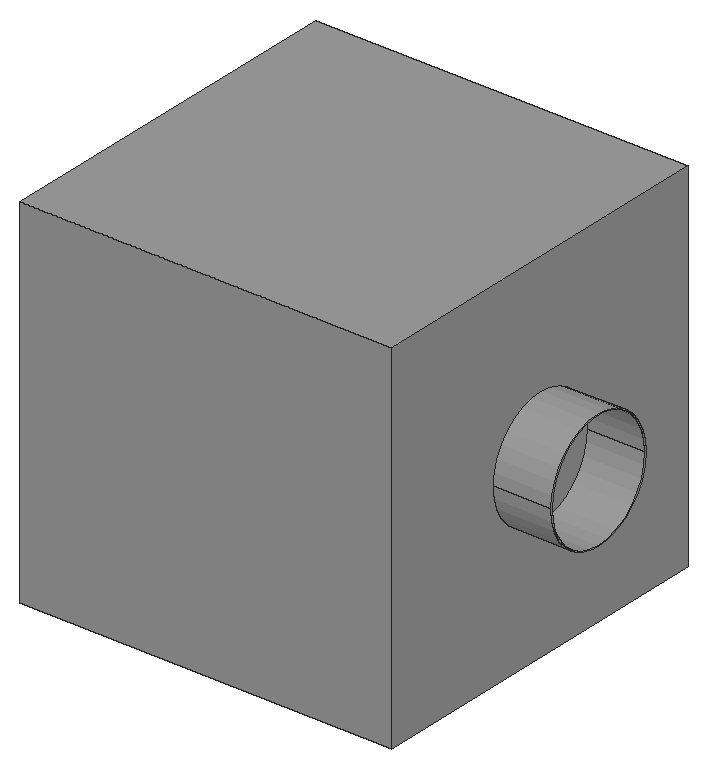
Revit family "BIMLIB_КомплектыДляУличногоМонтажа_SIB_SHUFT", category Оборудование, Revit 2017
Family settings
  Размер круглого соединителя = Использовать диаметр
  Тип детали = Вставляется
  На основе рабочей плоскости = Нет
  Всегда вертикально = Да
  При загрузке вырезать с полостями = Нет
  Общий = Нет
  Точка расчета площади = Нет
Parameters (values of type "SIB 100 S")
  Повернуть УГО [instance] = yes
  Description = ""
  Климатическое исполнение = "У2"  # constant formula
  Изготовитель = "ООО «Завод ВКО» марка SHUFT"  # constant formula
  r1 = r + 0.5 mm  # 50.5 mm
  r = d / 2  # 50 mm
  d = ADSK_Размер_Диаметр  # 100 mm
  Watermark [instance] = "Модели защищены уникальным кодом"
  TUBE [instance] = not(CFk)  # no
  IP Двигателя = "IP44"  # constant formula
  CFk [instance] = yes
  B = 316 mm
  URL = "http://www.shuft.ru/"
  ADSK_Частота вращения вентилятора [instance] = size_lookup("SIB", "ADSK_Частота вращения двигателя", 0, d, if(CFk, 1, 0), if(TUBE, 1, 0))  # 2345
  ADSK_Ток [instance] = size_lookup("SIB", "ADSK_Ток", 0 A, d, if(CFk, 1, 0), if(TUBE, 1, 0))  # 0.29 A
  ADSK_Размер_Диаметр = 100 mm
  ADSK_Потеря давления воздуха [instance] = 0.0 Pa
  ADSK_Полная мощность [instance] = ADSK_Номинальная мощность / ADSK_Коэффициент мощности  # 0.067 kW
  ADSK_Номинальная мощность [instance] = size_lookup("SIB", "ADSK_Номинальная мощность", 0 kW, d, if(CFk, 1, 0), if(TUBE, 1, 0))  # 0.067 kW
  ADSK_Напряжение = 230 V  # constant formula
  ADSK_Коэффициент мощности = 1
  ADSK_Количество фаз = 1  # constant formula
  ADSK_Классификация нагрузок = Прочее
  A = ADSK_Размер_Длина  # 318 mm
  C = 307 mm
  BL_Разработано = "support@bimlib.pro"  # constant formula
  BL_Email = "bimmodels@rusklimat.ru"  # constant formula
  BL_BIM library = "https://bimlib.pro/manufacturer/company/23829"
  ADSK_Расход воздуха [instance] = 0.0 L/s
  ADSK_Размер_Длина = 318 mm
  ADSK_Примечание [instance] = ""
  ADSK_Позиция = ""
  ADSK_Обозначение = ""
  ADSK_Наименование [instance] = if(and(d = 100 mm, CFk), "Комплект для уличного монтажа с тепло-шумоизоляцией и вентилятора CFk 100", if(and(d = 125 mm, CFk), "Комплект для уличного монтажа с тепло-шумоизоляцией и вентилятора CFk 125", if(and(d = 160 mm, CFk), "Комплект для уличного монтажа с тепло-шумоизоляцией и вентилятора CFk 160", if(and(d = 200 mm, CFk), "Комплект для уличного монтажа с тепло-шумоизоляцией и вентилятора CFk 200", if(and(d = 250 mm, CFk), "Комплект для уличного монтажа с тепло-шумоизоляцией и вентилятора CFk 250", if(and(d = 315 mm, CFk), "Комплект для уличного монтажа с тепло-шумоизоляцией и вентилятора CFk 315", if(and(d = 100 mm, TUBE), "Комплект для уличного монтажа с тепло-шумоизоляцией и вентилятора TUBE 100", if(and(d = 125 mm, TUBE), "Комплект для уличного монтажа с тепло-шумоизоляцией и вентилятора TUBE 125", if(and(d = 160 mm, TUBE), "Комплект для уличного монтажа с тепло-шумоизоляцией и вентилятора TUBE 160", if(and(d = 200 mm, TUBE), "Комплект для уличного монтажа с тепло-шумоизоляцией и вентилятора TUBE 200", if(and(d = 250 mm, TUBE), "Комплект для уличного монтажа с тепло-шумоизоляцией и вентилятора TUBE 250", if(and(d = 315 mm, TUBE), "Комплект для уличного монтажа с тепло-шумоизоляцией и вентилятора TUBE 315", "Решение не найдено"))))))))))))  # "Комплект для уличного монтажа с тепло-шумоизоляцией и вентилятора CFk 100"
  ADSK_Материал = BIMLIB_Сталь_SHUFT
  ADSK_Масса [instance] = 0
  ADSK_Марка [instance] = size_lookup("SIB", "", "Нет решения", d, if(CFk, 1, 0), if(TUBE, 1, 0))  # "SIB 100 S, CFk 100"
  ADSK_Код изделия [instance] = ADSK_Марка  # "SIB 100 S, CFk 100"
  ADSK_Завод-изготовитель = "ООО «Завод ВКО» марка SHUFT"  # constant formula
  ADSK_Единица измерения = "компл."  # constant formula
  ADSK_Версия семейства = "v.1"  # constant formula
  ADSK_Версия Revit = "2017"  # constant formula
  ADSK_URL страницы изделия = "http://www.shuft.ru/catalog/"
  ADSK_URL документации изделия = "http://www.shuft.ru/documentation/"
Types (7, lengths in mm): name | r1 | r | d | B | ADSK_Частота вращения вентилятора | ADSK_Ток | ADSK_Размер_Диаметр | ADSK_Полная мощность | ADSK_Номинальная мощность | A | C | ADSK_Размер_Длина | ADSK_Наименование | ADSK_Марка | ADSK_Код изделия
  (no name) | 50.5 | 50 | 100 | 316 | 2345 | 0.29 A | 100 | 0.067 kW | 0.067 kW | 318 | 307 | 318 | "Комплект для уличного монтажа с тепло-шумоизоляцией и вентилятора CFk 100" | "SIB 100 S, CFk 100" | "SIB 100 S, CFk 100"
  SIB 100 S | 50.5 | 50 | 100 | 316 | 2345 | 0.29 A | 100 | 0.067 kW | 0.067 kW | 318 | 307 | 318 | "Комплект для уличного монтажа с тепло-шумоизоляцией и вентилятора CFk 100" | "SIB 100 S, CFk 100" | "SIB 100 S, CFk 100"
  SIB 125 S | 63 | 62.5 | 125 | 316 | 2887 | 0.32 A | 125 | 0.068 kW | 0.068 kW | 318 | 307 | 318 | "Комплект для уличного монтажа с тепло-шумоизоляцией и вентилятора CFk 125" | "SIB 125 S, CFk 125" | "SIB 125 S, CFk 125"
  SIB 160 S | 80.5 | 80 | 160 | 402 | 2533 | 0.43 A | 160 | 0.1 kW | 0.1 kW | 340 | 397 | 340 | "Комплект для уличного монтажа с тепло-шумоизоляцией и вентилятора CFk 160" | "SIB 160 S, CFk 160" | "SIB 160 S, CFk 160"
  SIB 200 S | 100.5 | 100 | 200 | 402 | 2642 | 0.58 A | 200 | 0.123 kW | 0.123 kW | 340 | 397 | 340 | "Комплект для уличного монтажа с тепло-шумоизоляцией и вентилятора CFk 200" | "SIB 200 S, CFk 200" | "SIB 200 S, CFk 200"
  SIB 250 S | 125.5 | 125 | 250 | 402 | 2580 | 0.75 A | 250 | 0.172 kW | 0.172 kW | 340 | 397 | 340 | "Комплект для уличного монтажа с тепло-шумоизоляцией и вентилятора CFk 250" | "SIB 250 S, CFk 250" | "SIB 250 S, CFk 250"
  SIB 315 S | 158 | 157.5 | 315 | 472 | 2402 | 1.13 A | 315 | 0.258 kW | 0.258 kW | 398 | 465 | 398 | "Комплект для уличного монтажа с тепло-шумоизоляцией и вентилятора CFk 315" | "SIB 315 S, CFk 315" | "SIB 315 S, CFk 315"
Reference planes
  plane 1 "По центру (Вперед/Назад)": y = 0
  plane 2: z = 0
  plane 3 "По центру (Влево/Вправо)": x = 0
  plane 4: x = -159
  plane 5: x = 159
  plane 6: y = -158
  plane 7: y = 158
  plane 8: z = 153.5
  plane 9: z = -153.5
  plane 10: x = -209
  plane 11: x = 209
Forms (mm)
  Extrusion 1, solid, material "BIMLIB_Сталь_SHUFT" <- "ADSK_Материал", detail levels medium+fine
    sketch origin (0, 0, 0) x (0, 1, 0) y (0, 0, 1)
      loop
        line (-158, 153.5) -> (-158, -153.5) -> (158, -153.5) -> (158, 153.5) -> (-158, 153.5)
    from -159 to 159
  Extrusion 2, solid, material "BIMLIB_Сталь_SHUFT" <- "ADSK_Материал", detail levels medium+fine
    sketch origin (0, 0, 0) x (0, 1, 0) y (0, 0, 1)
      loop
        circle (0, 0) r 50
      loop
        circle (0, 0) r 50.5
    from -209 to -159
  Extrusion 3, solid, material "BIMLIB_Сталь_SHUFT" <- "ADSK_Материал", detail levels medium+fine
    sketch origin (0, 0, 0) x (0, 1, 0) y (0, 0, -1)
      loop
        circle (0, 0) r 50
      loop
        circle (0, 0) r 50.5
    from -209 to -159
Dimensions and locks
  "B": plane 6 to plane 7
  equal spacing: plane 6, plane 1 "По центру (Вперед/Назад)", plane 7
  "C": plane 8 to plane 9
  equal spacing: plane 8, level, plane 9
  "A": plane 5 to plane 4
  equal spacing: plane 5, plane 3 "По центру (Влево/Вправо)", plane 4
  locked: plane 11 to plane 5 at 50
  locked: plane 4 to plane 10 at 50
  "r": radius of Extrusion 2 sketch curve
  "r1": radius of Extrusion 2 sketch curve
  "r": radius of Extrusion 3 sketch curve
  "r1": radius of Extrusion 3 sketch curve
  aligned and locked: level to plane 2
  aligned and locked: Extrusion 1 sketch curve to plane 8
  aligned and locked: Extrusion 1 sketch curve to plane 6
  aligned and locked: plane 9 to Extrusion 1 sketch curve
  aligned and locked: plane 7 to Extrusion 1 sketch curve
  aligned and locked: Extrusion 1 to plane 4
  aligned and locked: plane 5 to Extrusion 1
  aligned and locked: Extrusion 2 to plane 10
  aligned and locked: plane 4 to Extrusion 2
  aligned and locked: plane 11 to Extrusion 3
  aligned and locked: Extrusion 3 to plane 5
  aligned and locked: plane 10 to nested 1
  aligned and locked: plane 11 to nested 1
  aligned and locked: level to nested 1
Automatic sketch dimensions
  Extrusion 2 sketch curve to Extrusion 2 sketch curve = 0 mm  (x2)
  Extrusion 2 sketch curve to level = 0 mm
  Extrusion 2 sketch curve to plane 1 "По центру (Вперед/Назад)" = 0 mm
  Extrusion 3 sketch curve to Extrusion 3 sketch curve = 0 mm  (x2)
  Extrusion 3 sketch curve to level = 0 mm
  Extrusion 3 sketch curve to plane 1 "По центру (Вперед/Назад)" = 0 mm
Nested families
  nested 1: "BIMLIB_УГО_SHUFT" at (0, 0, 0), УГО сверху <- "Повернуть УГО", Высота <- "C", Ширина <- "B", type "BIMLIB_УГО_SHUFT", detail levels coarse
    with Ширина/4 79 mm, Ширина 316 mm, УГО спереди no, УГО сверху yes, Длина 418 mm, Высота/4 76.75 mm, Высота УГО 3д План 126 mm, Высота 307 mm
Connectors
  hvac at (-209, 0, 0), driven by "ADSK_Размер_Диаметр", driven by "ADSK_Расход воздуха", driven by "ADSK_Потеря давления воздуха"
    settings: on Extrusion 2, index 1, duct flow 0.0 L/s, flow factor 0, pres drop 0.0 Pa, loss coef 0, conn angle 0.00°, conn width 304.8 mm, conn height 304.8 mm, conn diameter 100 mm, duct sys type 29, conn prof type 0, flow config 0, flow direction 1, loss method 0, conn ref index 2, conn util no, is conn primary yes, conn desc "Приточный воздух"
  hvac at (209, 0, 0), driven by "ADSK_Размер_Диаметр", driven by "ADSK_Расход воздуха", driven by "ADSK_Потеря давления воздуха"
    settings: on Extrusion 3, index 2, duct flow 0.0 L/s, flow factor 0, pres drop 0.0 Pa, loss coef 0, conn angle 0.00°, conn width 304.8 mm, conn height 304.8 mm, conn diameter 100 mm, duct sys type 29, conn prof type 0, flow config 0, flow direction 2, loss method 0, conn ref index 1, conn util no, is conn primary no, conn desc "Наружный воздух"
  electrical at (0, 0, 153.5), driven by "ADSK_Количество фаз", driven by "ADSK_Напряжение", driven by "ADSK_Номинальная мощность", driven by "ADSK_Классификация нагрузок", driven by "ADSK_Коэффициент мощности"
    settings: on Extrusion 1, index 3, voltage 230 V, apparent load 0.067 kW, apparent load phase1 0 kW, apparent load phase2 0 kW, apparent load phase3 0 kW, power factor 1, load classification "Прочее", number of poles 1, system type 30, power factor state 1, is connector primary yes, connector utility no, sub classification motor no, connector description "Электрический соединитель"
Definition of nested family "BIMLIB_УГО_SHUFT"
  Parameters (values of type "BIMLIB_УГО_SHUFT")
    Ширина/4 [instance] = Ширина / 4  # 105 mm
    Ширина [instance] = 420 mm
    УГО спереди [instance] = not(УГО сверху)  # no
    УГО сверху [instance] = yes
    Высота/4 [instance] = Высота / 4  # 63 mm
    Длина [instance] = 810 mm
    Высота УГО 3д План [instance] = 126 mm
    Высота 1 = 252 mm
    Высота [instance] = 252 mm
  Reference planes
    plane 1 "По центру (Вперед/Назад)": y = 0
    plane 2: z = 0
    plane 3 "По центру (Влево/Вправо)": x = 0
    plane 4: x = -405
    plane 5: x = 405
    plane 6: y = 210
    plane 7: y = -210
    plane 8: z = 126
    plane 9: z = 63
    plane 10: y = 105
    plane 11: y = -105
    plane 12 "УГО": z = 126
    plane 13: z = -63
    plane 14: z = -126
  Lines and regions (mm)
    model lines, visible <- "УГО спереди", detail levels coarse
      curve 1: line (-405, 0, 126) -> (-405, 0, -126)
      curve 2: line (-405, 0, -126) -> (405, 0, -126)
      curve 3: line (405, 0, -126) -> (405, 0, 126)
      curve 4: line (405, 0, 126) -> (-405, 0, 126)
      curve 20: line (-17.124, 0, -46.976) -> (-17.124, 0, 46.976)
      curve 21: line (-17.124, 0, 46.976) -> (50, 0, 0)
      curve 22: circle (0, 0, 0) r 50 normal (0, -1, 0)
      curve 23: line (50, 0, 0) -> (-17.124, 0, -46.976)
    model lines, visible <- "УГО сверху", detail levels coarse
      curve 5: line (-405, 210, 0) -> (-405, -210, 0)
      curve 6: line (-405, -210, 0) -> (405, -210, 0)
      curve 7: line (405, -210, 0) -> (405, 210, 0)
      curve 8: line (405, 210, 0) -> (-405, 210, 0)
      curve 9: line (-38.707, 60.625, 0) -> (71.928, 0, 0)
      curve 10: line (71.928, 0, 0) -> (-38.707, -60.625, 0)
      curve 11: line (-38.707, -60.625, 0) -> (-38.707, 60.625, 0)
      curve 24: circle (0, 0, 0) r 71.928 normal (0, 0, 1)
    symbolic lines, detail levels coarse
      curve 12: line (-405, 0, 126) -> (-405, 0, -126)
      curve 13: line (-405, 0, -126) -> (405, 0, -126)
      curve 14: line (405, 0, -126) -> (405, 0, 126)
      curve 15: line (405, 0, 126) -> (-405, 0, 126)
      curve 16: line (-405, 210, 0) -> (-405, -210, 0)
      curve 17: line (-405, -210, 0) -> (405, -210, 0)
      curve 18: line (405, -210, 0) -> (405, 210, 0)
      curve 19: line (405, 210, 0) -> (-405, 210, 0)
      curve 25: circle (0, 0, 0) r 71.928 normal (0, 0, 1)
      curve 26: line (-38.707, 60.625, 0) -> (-38.707, -60.625, 0)
      curve 27: line (-38.707, -60.625, 0) -> (71.928, 0, 0)
      curve 28: line (71.928, 0, 0) -> (-38.707, 60.625, 0)
      curve 29: circle (0, 0, 0) r 50 normal (0, -1, 0)
      curve 30: line (50, 0, 0) -> (-17.101, 0, 46.985)
      curve 31: line (-17.101, 0, 46.985) -> (-17.101, 0, -46.985)
      curve 32: line (50, 0, 0) -> (-17.101, 0, -46.985)
  Dimensions and locks
    equal spacing: plane 4, plane 3 "По центру (Влево/Вправо)", plane 5
    "Длина": plane 4 to plane 5
    "Ширина": plane 7 to plane 6
    equal spacing: plane 6, plane 10, plane 1 "По центру (Вперед/Назад)", plane 11, plane 7
    "Высота": plane 12 "УГО" to plane 14
    equal spacing: plane 12 "УГО", plane 9, level, plane 13, plane 14
    aligned and locked: level to plane 2
    aligned and locked: plane 8 to curve 15
    aligned and locked: curve 5 to plane 4
    aligned and locked: plane 5 to curve 7
    aligned and locked: plane 14 to curve 13
    aligned and locked: plane 12 "УГО" to curve 15
  Automatic sketch dimensions
    curve 24 to curve 25 = 0 mm  (x2)
    plane 1 "По центру (Вперед/Назад)" to curve 25 = 0 mm
    curve 25 to plane 3 "По центру (Влево/Вправо)" = 0 mm
    plane 1 "По центру (Вперед/Назад)" to curve 28 = 0 mm
    plane 1 "По центру (Вперед/Назад)" to curve 9 = 0 mm
    plane 1 "По центру (Вперед/Назад)" to curve 27 = 0 mm
    plane 7 to curve 16 = 0 mm
    curve 19 to plane 6 = 0 mm
    curve 9 to plane 3 "По центру (Влево/Вправо)" = 38.707 mm
    plane 3 "По центру (Влево/Вправо)" to curve 9 = 71.928 mm
    curve 27 to curve 10 = 0 mm
    curve 28 to curve 9 = 0 mm
    curve 22 to curve 29 = 0 mm  (x2)
    curve 1 to plane 4 = 0 mm
    curve 29 to level = 0 mm
    curve 29 to plane 3 "По центру (Влево/Вправо)" = 0 mm
    curve 21 to level = 0 mm
    curve 32 to level = 0 mm
    curve 15 to plane 5 = 0 mm
    curve 21 to plane 3 "По центру (Влево/Вправо)" = 17.124 mm
    curve 20 to curve 30 = 0.023 mm
    plane 3 "По центру (Влево/Вправо)" to curve 21 = 50 mm
    curve 32 to curve 21 = 0 mm
    radius of curve 25 = 71.928 mm
